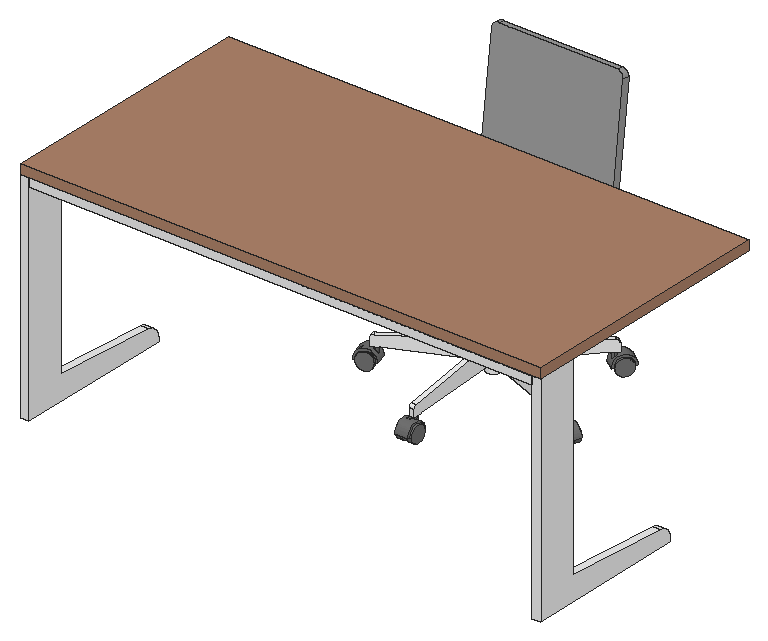
Revit family "Büroarbeitsplatz", category Möbel, Revit 2019
Family settings
  Arbeitsebenenbasiert = Nein
  Immer vertikal = Ja
  Beim Laden mit Abzugskörper schneiden = Nein
  Gemeinsam genutzt = Nein
  Raumberechnungspunkt = Nein
Parameters (values of type "1600 x 800 x 700")
  Stärke Tischplatte = 30.00 mm
  Stuhl mit Armlehnen [instance] = yes
  Stuhlsitzfläche = Kunststoff - Grau
  Stuhlrolle = Kunststoff - Dunkelgrau
  Stuhl Gestell = Metall - Aluminium
  Im Vordergrund zeichnen [instance] = yes
  Tiefe Gestell = 500.00 mm
  Breite von Bein = 25.00 mm
  Tischkonstruktion = Metall - Aluminium
  Höhe = 700.00 mm
  Länge = 1600.00 mm
  Tischplatte = Holz - Eiche
  Tiefe = 800.00 mm
  Tiefe Bein = 125.00 mm
  Assembly Code = ""
Reference planes
  plane 1: y = 0
  plane 2 "Unten": z = 0
  plane 3: x = -1.565
  plane 4 "Oben": z = 700
  plane 5 "Hinten": y = 400
  plane 6 "Vorn": y = -400
  plane 7 "Links": x = -1586.565
  plane 8 "Rechts": x = 13.435
  plane 9: z = 670
  plane 10 "Mitte (links/rechts)": x = -786.565
  plane 11: y = 100
  plane 12: z = 75
  plane 13: x = -1561.565
  plane 14: x = -11.565
  plane 15: z = 645
Forms (mm)
  Extrusion 1, solid, material "Holz - Eiche" <- "Tischplatte"
    sketch origin (0, 0, 0) x (1, 0, 0) y (0, 1, 0)
      loop
        line (-1586.565, 400) -> (-1586.565, -400) -> (13.435, -400) -> (13.435, 400) -> (-1586.565, 400)
    from 670 to 700
  Extrusion 2, solid, material "Metall - Aluminium" <- "Tischkonstruktion"
    sketch origin (0, 0, 0) x (1, 0, 0) y (0, 1, 0)
      loop
        line (-1586.565, -400) -> (-1561.565, -400) -> (-1561.565, -275) -> (-1586.565, -275) -> (-1586.565, -400)
      loop
        line (13.435, -400) -> (13.435, -275) -> (-11.565, -275) -> (-11.565, -400) -> (13.435, -400)
    from 0 to 670
  Extrusion 3, solid, material "Metall - Aluminium" <- "Tischkonstruktion"
    sketch origin (0, 0, 0) x (1, 0, 0) y (0, 1, 0)
      loop
        line (-1561.565, -400) -> (-11.565, -400) -> (-11.565, -275) -> (-1561.565, -275) -> (-1561.565, -400)
    from 645 to 670
  Extrusion 4, solid, material "Metall - Aluminium" <- "Tischkonstruktion"
    sketch origin (13.435, 0, 0) x (0, -1, 0) y (0, 0, 1)
      loop
        line (275, 0) -> (275, 75) -> (-62.932, 50.16)
        arc (-62.932, 50.16) -> (-89.303, 37.495) -> (-100, 10.267) r 40
        line (-100, 10.267) -> (-100, 0) -> (275, 0)
    from 0 to 25
  Extrusion 5, solid, material "Metall - Aluminium" <- "Tischkonstruktion"
    sketch origin (-1586.565, 0, 0) x (0, -1, 0) y (0, 0, 1)
      loop
        line (275, 0) -> (275, 75) -> (-62.932, 50.16)
        arc (-62.932, 50.16) -> (-89.303, 37.495) -> (-100, 10.267) r 40
        line (-100, 10.267) -> (-100, 0) -> (275, 0)
    from 0 to -25
Cuts and joins
  joined: Extrusion 2, Extrusion 4, Extrusion 5
Lines and regions (mm)
  Masking region 1, built-in parameter 1006206 <- "Im Vordergrund zeichnen"
    outline origin (0, 0, 0) x (1, 0, 0) y (0, 1, 0)
      loop
        line (-1586.565, 400) -> (-1586.565, -400) -> (13.435, -400) -> (13.435, 400) -> (-1586.565, 400)
Dimensions and locks
  "Höhe": plane 2 "Unten" to plane 4 "Oben"
  "Tiefe": plane 5 "Hinten" to plane 6 "Vorn"
  "Länge": plane 7 "Links" to plane 8 "Rechts"
  "Tiefe Bein": Extrusion 2 sketch curve to Extrusion 2 sketch curve  (x2)
  "Breite von Bein": Extrusion 2 sketch curve to Extrusion 2 sketch curve  (x2)
  equal spacing: plane 7 "Links", plane 10 "Mitte (links/rechts)", plane 8 "Rechts"
  equal spacing: plane 5 "Hinten", plane 1, plane 6 "Vorn"
  "Stärke Tischplatte": plane 4 "Oben" to plane 9
  "Tiefe Gestell": plane 6 "Vorn" to plane 11
  locked: plane 12 to plane 2 "Unten" at 75
  "Breite von Bein": plane 7 "Links" to plane 13
  "Breite von Bein": plane 14 to plane 8 "Rechts"
  "Breite von Bein": plane 9 to plane 15
  aligned and locked: plane 7 "Links" to Extrusion 1 sketch curve
  aligned and locked: Extrusion 1 sketch curve to plane 5 "Hinten"
  aligned and locked: plane 6 "Vorn" to Extrusion 1 sketch curve
  aligned and locked: plane 8 "Rechts" to Extrusion 1 sketch curve
  aligned and locked: Extrusion 1 to plane 4 "Oben"
  aligned and locked: Extrusion 2 to plane 2 "Unten"
  aligned and locked: plane 6 "Vorn" to Extrusion 2 sketch curve
  aligned and locked: plane 8 "Rechts" to Extrusion 2 sketch curve
  aligned and locked: plane 7 "Links" to Extrusion 2 sketch curve
  aligned and locked: Extrusion 2 sketch curve to plane 6 "Vorn"
  aligned and locked: plane 9 to Extrusion 2
  aligned and locked: Extrusion 3 sketch curve to Extrusion 2
  aligned and locked: Extrusion 2 to Extrusion 3 sketch curve  (x2)
  aligned and locked: Extrusion 2 to Extrusion 3
  aligned and locked: Extrusion 1 to plane 9
  aligned and locked: Masking region 1 sketch curve to plane 5 "Hinten"
  aligned and locked: plane 8 "Rechts" to Masking region 1 sketch curve
  aligned and locked: plane 6 "Vorn" to Masking region 1 sketch curve
  aligned and locked: Masking region 1 sketch curve to plane 7 "Links"
  aligned and locked: plane 2 "Unten" to level
  aligned and locked: plane 2 "Unten" to Extrusion 4 sketch curve
  aligned and locked: Extrusion 2 to Extrusion 4 sketch curve
  aligned and locked: Extrusion 4 to Extrusion 2
  aligned and locked: plane 11 to Extrusion 4 sketch curve
  aligned and locked: Extrusion 4 sketch curve to plane 12
  aligned and locked: Extrusion 5 to plane 13
  aligned and locked: Extrusion 3 to plane 15
  aligned and locked: plane 9 to Extrusion 3
Automatic sketch dimensions
  Extrusion 4 sketch curve to plane 11 = 37.068 mm
  level to Extrusion 4 sketch curve = 10.267 mm
  Extrusion 4 sketch curve to Extrusion 4 sketch curve = 2.932 mm
  Extrusion 5 sketch curve to level = 0.00 mm
  Extrusion 5 sketch curve to plane 11 = 0.00 mm
  Extrusion 5 sketch curve to plane 12 = 0.00 mm
  Extrusion 5 sketch curve to plane 11 = 37.068 mm
  level to Extrusion 5 sketch curve = 10.267 mm
  Extrusion 5 sketch curve to Extrusion 5 sketch curve = 2.932 mm
  plane 6 "Vorn" to Extrusion 5 sketch curve = 125.00 mm
  Extrusion 3 sketch curve to plane 14 = 0.00 mm
Nested families
  nested 1: "Stuhl - Bürostuhl (6)" at (-1138.67, 681.741, 0) x (-1, 0, 0) z (0, 0, 1), Armlehnen <- "Stuhl mit Armlehnen", type "Bürostuhl"
    with Ohne Armlehnen no, Im Vordergrund zeichnen no, Armlehnen yes
Definition of nested family "Stuhl - Bürostuhl (6)"
  Parameters
    Ohne Armlehnen [instance] = not(Armlehnen)  # no
    Im Vordergrund zeichnen [instance] = yes
    Bild = none
    Sitz = none
    Rollen = none
    Model = ""
    Manufacturer = ""
    Description = ""
    Armlehnen [instance] = yes
  Reference planes
    plane 1 "Mitte (Vorne/hinten)": y = -261.741
    plane 2: z = 0
    plane 3 "Mitte (links/rechts)": x = -352.105
    plane 4: z = 418.104
    plane 5: z = 398.316
    plane 6: z = 373.316
  Forms (mm)
    Extrusion 1, solid, material <- "Sitz"
      sketch origin (-352.105, 0, 0) x (0, 1, 0) y (0, 0, 1)
        loop
          line (-88.817, 418.316) -> (-424.741, 418.316)
          arc (-424.741, 418.316) -> (-467.167, 400.742) -> (-484.741, 358.316) r 60
          line (-484.741, 358.316) -> (-464.741, 358.316)
          arc (-464.741, 358.316) -> (-453.025, 386.6) -> (-424.741, 398.316) r 40
          line (-424.741, 398.316) -> (-88.979, 398.316)
          arc (-88.979, 398.316) -> (-59.238, 409.545) -> (-44.34, 437.629) r 45
          line (-44.34, 437.629) -> (6.259, 834.799) -> (-13.422, 837.306) -> (-64.018, 440.156)
          arc (-64.018, 440.156) -> (-72.295, 424.554) -> (-88.817, 418.316) r 25
      from -202.5 to 202.5
    Extrusion 2, solid, material <- "Bild"
      sketch origin (0, 0, 0) x (1, 0, 0) y (0, 1, 0)
        loop
          circle (-352.105, -261.741) r 20
      from 53.07 to 258.07
    Extrusion 3, solid, material <- "Bild"
      sketch origin (0, 0, 0) x (1, 0, 0) y (0, 1, 0)
        loop
          circle (-352.105, -261.741) r 20
        loop
          circle (-352.105, -261.741) r 25
      from 78.924 to 138.07
    Extrusion 4, solid, material <- "Bild"
      sketch origin (-352.105, 0, 0) x (0, 1, 0) y (0, 0, 1)
        loop
          line (-575.852, 60.858) -> (-550.852, 60.858) -> (-550.852, 64.427) -> (-261.741, 79.579) -> (-261.741, 138.07) -> (-286.741, 138.07) -> (-567.369, 93.441)
          arc (-567.369, 93.441) -> (-573.44, 90.069) -> (-575.852, 83.557) r 10
          line (-575.852, 83.557) -> (-575.852, 60.858)
      from -7.5 to 7.5
    Extrusion 5, solid, material <- "Bild"
      sketch origin (-601.036, -180.858, 0) x (-0.951057, 0.309017, 0) y (0, 0, 1)
        loop
          line (-575.852, 60.858) -> (-550.852, 60.858) -> (-550.852, 64.427) -> (-261.741, 79.579) -> (-261.741, 138.07) -> (-286.741, 138.07) -> (-567.369, 93.441)
          arc (-567.369, 93.441) -> (-573.44, 90.069) -> (-575.852, 83.557) r 10
          line (-575.852, 83.557) -> (-575.852, 60.858)
      from -7.5 to 7.5
    Extrusion 6, solid, material <- "Bild"
      sketch origin (-505.953, -473.494, 0) x (-0.587785, -0.809017, 0) y (0, 0, 1)
        loop
          line (-575.852, 60.858) -> (-550.852, 60.858) -> (-550.852, 64.427) -> (-261.741, 79.579) -> (-261.741, 138.07) -> (-286.741, 138.07) -> (-567.369, 93.441)
          arc (-567.369, 93.441) -> (-573.44, 90.069) -> (-575.852, 83.557) r 10
          line (-575.852, 83.557) -> (-575.852, 60.858)
      from -7.5 to 7.5
    Extrusion 7, solid, material <- "Bild"
      sketch origin (-198.258, -473.494, 0) x (0.587785, -0.809017, 0) y (0, 0, 1)
        loop
          line (-575.852, 60.858) -> (-550.852, 60.858) -> (-550.852, 64.427) -> (-261.741, 79.579) -> (-261.741, 138.07) -> (-286.741, 138.07) -> (-567.369, 93.441)
          arc (-567.369, 93.441) -> (-573.44, 90.069) -> (-575.852, 83.557) r 10
          line (-575.852, 83.557) -> (-575.852, 60.858)
      from -7.5 to 7.5
    Extrusion 8, solid, material <- "Bild"
      sketch origin (-103.175, -180.858, 0) x (0.951057, 0.309017, 0) y (0, 0, 1)
        loop
          line (-575.852, 60.858) -> (-550.852, 60.858) -> (-550.852, 64.427) -> (-261.741, 79.579) -> (-261.741, 138.07) -> (-286.741, 138.07) -> (-567.369, 93.441)
          arc (-567.369, 93.441) -> (-573.44, 90.069) -> (-575.852, 83.557) r 10
          line (-575.852, 83.557) -> (-575.852, 60.858)
      from -7.5 to 7.5
    Extrusion 9, solid, material <- "Rollen"
      sketch origin (-352.105, 0, 0) x (0, 1, 0) y (0, 0, 1)
        loop
          line (-555.183, 25) -> (-550.183, 25)
          arc (-550.183, 25) -> (-583.183, 58) -> (-616.183, 25) r 33
          line (-616.183, 25) -> (-611.183, 25)
          arc (-611.183, 25) -> (-583.183, 53) -> (-555.183, 25) r 28
      from -20 to 20
    Extrusion 10, solid, material <- "Rollen"
      sketch origin (0, 0, 0) x (1, 0, 0) y (0, 1, 0)
        loop
          circle (-352.105, -562.844) r 6
      from 40.747 to 60.858
    Extrusion 11, solid, material <- "Rollen"
      sketch origin (-352.105, 0, 0) x (0, 1, 0) y (0, 0, 1)
        loop
          circle (-583.183, 25) r 25
      from -10 to -25
    Extrusion 12, solid, material <- "Rollen"
      sketch origin (-352.105, 0, 0) x (0, 1, 0) y (0, 0, 1)
        loop
          line (-555.183, 25) -> (-550.183, 25)
          arc (-550.183, 25) -> (-583.183, 58) -> (-616.183, 25) r 33
          line (-616.183, 25) -> (-611.183, 25)
          arc (-611.183, 25) -> (-583.183, 53) -> (-555.183, 25) r 28
      from -20 to 20
    Extrusion 13, solid, material <- "Rollen"
      sketch origin (-352.105, 0, 0) x (0, 1, 0) y (0, 0, 1)
        loop
          circle (-583.183, 25) r 25
      from 10 to 25
    Extrusion 14, solid, material <- "Rollen"
      sketch origin (-492.229, 154.014, 0) x (0.309017, 0.951057, 0) y (-0.951057, 0.309017, 0)
        loop
          circle (-352.105, -562.844) r 6
      from 40.747 to 60.858
    Extrusion 15, solid, material <- "Rollen"
      sketch origin (-601.036, -180.858, 0) x (-0.951057, 0.309017, 0) y (0, 0, 1)
        loop
          circle (-583.183, 25) r 25
      from -10 to -25
    Extrusion 16, solid, material <- "Rollen"
      sketch origin (-601.036, -180.858, 0) x (-0.951057, 0.309017, 0) y (0, 0, 1)
        loop
          line (-555.183, 25) -> (-550.183, 25)
          arc (-550.183, 25) -> (-583.183, 58) -> (-616.183, 25) r 33
          line (-616.183, 25) -> (-611.183, 25)
          arc (-611.183, 25) -> (-583.183, 53) -> (-555.183, 25) r 28
      from -20 to 20
    Extrusion 17, solid, material <- "Rollen"
      sketch origin (-601.036, -180.858, 0) x (-0.951057, 0.309017, 0) y (0, 0, 1)
        loop
          circle (-583.183, 25) r 25
      from 10 to 25
    Extrusion 18, solid, material <- "Rollen"
      sketch origin (-505.953, -473.494, 0) x (-0.587785, -0.809017, 0) y (0, 0, 1)
        loop
          circle (-583.183, 25) r 25
      from -10 to -25
    Extrusion 19, solid, material <- "Rollen"
      sketch origin (-505.953, -473.494, 0) x (-0.587785, -0.809017, 0) y (0, 0, 1)
        loop
          line (-555.183, 25) -> (-550.183, 25)
          arc (-550.183, 25) -> (-583.183, 58) -> (-616.183, 25) r 33
          line (-616.183, 25) -> (-611.183, 25)
          arc (-611.183, 25) -> (-583.183, 53) -> (-555.183, 25) r 28
      from -20 to 20
    Extrusion 20, solid, material <- "Rollen"
      sketch origin (-505.953, -473.494, 0) x (-0.587785, -0.809017, 0) y (0, 0, 1)
        loop
          circle (-583.183, 25) r 25
      from 10 to 25
    Extrusion 21, solid, material <- "Rollen"
      sketch origin (-790.812, -266.531, 0) x (-0.809017, 0.587785, 0) y (-0.587785, -0.809017, 0)
        loop
          circle (-352.105, -562.844) r 6
      from 40.747 to 60.858
    Extrusion 22, solid, material <- "Rollen"
      sketch origin (-505.953, -473.494, 0) x (-0.587785, -0.809017, 0) y (0, 0, 1)
        loop
          circle (-583.183, 25) r 25
      from -10 to -25
    Extrusion 23, solid, material <- "Rollen"
      sketch origin (-505.953, -473.494, 0) x (-0.587785, -0.809017, 0) y (0, 0, 1)
        loop
          line (-555.183, 25) -> (-550.183, 25)
          arc (-550.183, 25) -> (-583.183, 58) -> (-616.183, 25) r 33
          line (-616.183, 25) -> (-611.183, 25)
          arc (-611.183, 25) -> (-583.183, 53) -> (-555.183, 25) r 28
      from -20 to 20
    Extrusion 24, solid, material <- "Rollen"
      sketch origin (-505.953, -473.494, 0) x (-0.587785, -0.809017, 0) y (0, 0, 1)
        loop
          circle (-583.183, 25) r 25
      from 10 to 25
    Extrusion 25, solid, material <- "Rollen"
      sketch origin (-790.812, -266.531, 0) x (-0.809017, 0.587785, 0) y (-0.587785, -0.809017, 0)
        loop
          circle (-352.105, -562.844) r 6
      from 40.747 to 60.858
    Extrusion 26, solid, material <- "Rollen"
      sketch origin (-198.258, -473.494, 0) x (0.587785, -0.809017, 0) y (0, 0, 1)
        loop
          circle (-583.183, 25) r 25
      from -10 to -25
    Extrusion 27, solid, material <- "Rollen"
      sketch origin (-198.258, -473.494, 0) x (0.587785, -0.809017, 0) y (0, 0, 1)
        loop
          line (-555.183, 25) -> (-550.183, 25)
          arc (-550.183, 25) -> (-583.183, 58) -> (-616.183, 25) r 33
          line (-616.183, 25) -> (-611.183, 25)
          arc (-611.183, 25) -> (-583.183, 53) -> (-555.183, 25) r 28
      from -20 to 20
    Extrusion 28, solid, material <- "Rollen"
      sketch origin (-198.258, -473.494, 0) x (0.587785, -0.809017, 0) y (0, 0, 1)
        loop
          circle (-583.183, 25) r 25
      from 10 to 25
    Extrusion 29, solid, material <- "Rollen"
      sketch origin (-483.117, -680.456, 0) x (-0.809017, -0.587785, 0) y (0.587785, -0.809017, 0)
        loop
          circle (-352.105, -562.844) r 6
      from 40.747 to 60.858
    Extrusion 30, solid, material <- "Rollen"
      sketch origin (-198.258, -473.494, 0) x (0.587785, -0.809017, 0) y (0, 0, 1)
        loop
          circle (-583.183, 25) r 25
      from -10 to -25
    Extrusion 31, solid, material <- "Rollen"
      sketch origin (-198.258, -473.494, 0) x (0.587785, -0.809017, 0) y (0, 0, 1)
        loop
          line (-555.183, 25) -> (-550.183, 25)
          arc (-550.183, 25) -> (-583.183, 58) -> (-616.183, 25) r 33
          line (-616.183, 25) -> (-611.183, 25)
          arc (-611.183, 25) -> (-583.183, 53) -> (-555.183, 25) r 28
      from -20 to 20
    Extrusion 32, solid, material <- "Rollen"
      sketch origin (-198.258, -473.494, 0) x (0.587785, -0.809017, 0) y (0, 0, 1)
        loop
          circle (-583.183, 25) r 25
      from 10 to 25
    Extrusion 33, solid, material <- "Rollen"
      sketch origin (-483.117, -680.456, 0) x (-0.809017, -0.587785, 0) y (0.587785, -0.809017, 0)
        loop
          circle (-352.105, -562.844) r 6
      from 40.747 to 60.858
    Extrusion 34, solid, material <- "Rollen"
      sketch origin (-103.175, -180.858, 0) x (0.951057, 0.309017, 0) y (0, 0, 1)
        loop
          circle (-583.183, 25) r 25
      from -10 to -25
    Extrusion 35, solid, material <- "Rollen"
      sketch origin (-103.175, -180.858, 0) x (0.951057, 0.309017, 0) y (0, 0, 1)
        loop
          line (-555.183, 25) -> (-550.183, 25)
          arc (-550.183, 25) -> (-583.183, 58) -> (-616.183, 25) r 33
          line (-616.183, 25) -> (-611.183, 25)
          arc (-611.183, 25) -> (-583.183, 53) -> (-555.183, 25) r 28
      from -20 to 20
    Extrusion 36, solid, material <- "Rollen"
      sketch origin (-103.175, -180.858, 0) x (0.951057, 0.309017, 0) y (0, 0, 1)
        loop
          circle (-583.183, 25) r 25
      from 10 to 25
    Extrusion 37, solid, material <- "Rollen"
      sketch origin (5.632, -515.731, 0) x (0.309017, -0.951057, 0) y (0.951057, 0.309017, 0)
        loop
          circle (-352.105, -562.844) r 6
      from 40.747 to 60.858
    Extrusion 38, solid, material <- "Rollen"
      sketch origin (-103.175, -180.858, 0) x (0.951057, 0.309017, 0) y (0, 0, 1)
        loop
          circle (-583.183, 25) r 25
      from -10 to -25
    Extrusion 39, solid, material <- "Rollen"
      sketch origin (-103.175, -180.858, 0) x (0.951057, 0.309017, 0) y (0, 0, 1)
        loop
          line (-555.183, 25) -> (-550.183, 25)
          arc (-550.183, 25) -> (-583.183, 58) -> (-616.183, 25) r 33
          line (-616.183, 25) -> (-611.183, 25)
          arc (-611.183, 25) -> (-583.183, 53) -> (-555.183, 25) r 28
      from -20 to 20
    Extrusion 40, solid, material <- "Rollen"
      sketch origin (-103.175, -180.858, 0) x (0.951057, 0.309017, 0) y (0, 0, 1)
        loop
          circle (-583.183, 25) r 25
      from 10 to 25
    Extrusion 41, solid, material <- "Rollen"
      sketch origin (5.632, -515.731, 0) x (0.309017, -0.951057, 0) y (0.951057, 0.309017, 0)
        loop
          circle (-352.105, -562.844) r 6
      from 40.747 to 60.858
    Extrusion 42, solid
      sketch origin (0, 0, 0) x (1, 0, 0) y (0, 1, 0)
        loop
          circle (-352.105, -261.741) r 15
      from 258.07 to 357.594
    Blend 43, solid
      base sketch origin (0, 0, 0) x (1, 0, 0) y (0, 1, 0)
        loop
          circle (-352.105, -261.741) r 20
      top sketch origin (0, 0, 0) x (1, 0, 0) y (0, 1, 0)
        loop
          circle (-352.105, -261.741) r 40
      from 337.981 to 373.316
    Extrusion 44, void
      sketch origin (-352.105, -19.741, 787.707) x (0, 0.126376, 0.991982) y (1, 0, 0)
        loop
          line (30, -202.5) -> (30, -242.5) -> (80, -242.5) -> (80, -182.5) -> (50, -182.5)
          arc (50, -182.5) -> (44.142, -196.642) -> (30, -202.5) r 20
        loop
          line (50, 182.5) -> (80, 182.5) -> (80, 272.5) -> (30, 272.5) -> (30, 202.5)
          arc (30, 202.5) -> (44.142, 196.642) -> (50, 182.5) r 20
      from 0 to 100
    Extrusion 45, solid, material <- "Bild"
      sketch origin (0, -261.741, 0) x (1, 0, 0) y (0, 0, 1)
        loop
          line (-427.105, 398.316) -> (-412.955, 373.316) -> (-291.256, 373.316) -> (-277.105, 398.316) -> (-427.105, 398.316)
      from -50 to 50
    Sweep 46, solid, material <- "Bild", visible <- "Armlehnen"
      path origin (0, -261.741, 0) x (1, 0, 0) y (0, 0, 1)
        loop
          line (-104.18, 580) -> (-104.18, 410.816)
          arc (-104.18, 410.816) -> (-111.503, 393.138) -> (-129.18, 385.816) r 25
          line (-129.18, 385.816) -> (-575.03, 385.816)
          arc (-575.03, 385.816) -> (-592.708, 393.138) -> (-600.03, 410.816) r 25
          line (-600.03, 410.816) -> (-600.03, 580)
      profile origin (-352.105, -261.741, 385.816) x (0, 0, -1) y (0, -1, 0)
        loop
          arc (7.5, 15) -> (6.036, 18.536) -> (2.5, 20) r 5
          line (2.5, 20) -> (-2.5, 20)
          arc (-2.5, 20) -> (-6.036, 18.536) -> (-7.5, 15) r 5
          line (-7.5, 15) -> (-7.5, -15)
          arc (-7.5, -15) -> (-6.036, -18.536) -> (-2.5, -20) r 5
          line (-2.5, -20) -> (2.5, -20)
          arc (2.5, -20) -> (6.036, -18.536) -> (7.5, -15) r 5
          line (7.5, -15) -> (7.5, 15)
    Blend 47, solid, material <- "Sitz", visible <- "Armlehnen"
      base sketch origin (-309.226, 247.477, 0) x (1, 0, 0) y (0, 1, 0)
        loop
          arc (-250.804, -434.537) -> (-290.804, -394.537) -> (-330.804, -434.537) r 40
          line (-330.804, -434.537) -> (-330.804, -583.898)
          arc (-330.804, -583.898) -> (-290.804, -623.898) -> (-250.804, -583.898) r 40
          line (-250.804, -583.898) -> (-250.804, -434.537)
      top sketch origin (-309.226, 247.477, 0) x (1, 0, 0) y (0, 1, 0)
        loop
          line (-325.804, -434.537) -> (-325.804, -583.898)
          arc (-325.804, -583.898) -> (-290.804, -618.898) -> (-255.804, -583.898) r 35
          line (-255.804, -583.898) -> (-255.804, -434.537)
          arc (-255.804, -434.537) -> (-290.804, -399.537) -> (-325.804, -434.537) r 35
      from 580 to 600
    Extrusion 48, void
      sketch origin (0, -261.741, 0) x (1, 0, 0) y (0, 0, 1)
        loop
          line (-427.105, 398.316) -> (-412.955, 373.316) -> (-412.955, 348.316) -> (-291.256, 348.316) -> (-291.256, 373.316) -> (-277.105, 398.316) -> (-427.105, 398.316)
      from 0 to 250
    Blend 49, solid, material <- "Sitz", visible <- "Armlehnen"
      base sketch origin (-394.984, 247.477, 0) x (1, 0, 0) y (0, 1, 0)
        loop
          line (250.804, -434.537) -> (250.804, -583.898)
          arc (250.804, -583.898) -> (290.804, -623.898) -> (330.804, -583.898) r 40
          line (330.804, -583.898) -> (330.804, -434.537)
          arc (330.804, -434.537) -> (290.804, -394.537) -> (250.804, -434.537) r 40
      top sketch origin (-394.984, 247.477, 0) x (1, 0, 0) y (0, 1, 0)
        loop
          arc (325.804, -434.537) -> (290.804, -399.537) -> (255.804, -434.537) r 35
          line (255.804, -434.537) -> (255.804, -583.898)
          arc (255.804, -583.898) -> (290.804, -618.898) -> (325.804, -583.898) r 35
          line (325.804, -583.898) -> (325.804, -434.537)
      from 580 to 600
  Cuts and joins
    joined: Extrusion 3, Extrusion 4, Extrusion 5, Extrusion 6, Extrusion 7, Extrusion 8
    Extrusion 48 cuts Extrusion 42
    joined: Extrusion 42, Blend 43
    Extrusion 44 cuts Extrusion 1
    Extrusion 48 cuts Sweep 46
  Lines and regions (mm)
    Masking region 1, visible <- "Armlehnen", built-in parameter 1006206 <- "Im Vordergrund zeichnen", detail levels medium+fine
      outline origin (0, 0, 0) x (1, 0, 0) y (0, 1, 0)
        loop
          line (-640.03, -187.06) -> (-640.03, -336.421)
          arc (-640.03, -336.421) -> (-600.03, -376.421) -> (-560.03, -336.421) r 40
          line (-560.03, -336.421) -> (-560.03, -281.741) -> (-554.605, -281.741) -> (-554.605, -241.741) -> (-560.03, -241.741) -> (-560.03, -187.06)
          arc (-560.03, -187.06) -> (-600.03, -147.06) -> (-640.03, -187.06) r 40
        loop
          arc (-64.18, -187.06) -> (-104.18, -147.06) -> (-144.18, -187.06) r 40
          line (-144.18, -187.06) -> (-144.18, -241.741) -> (-149.605, -241.741) -> (-149.605, -281.741) -> (-144.18, -281.741) -> (-144.18, -336.421)
          arc (-144.18, -336.421) -> (-104.18, -376.421) -> (-64.18, -336.421) r 40
          line (-64.18, -336.421) -> (-64.18, -187.06)
    Masking region 2, built-in parameter 1006206 <- "Im Vordergrund zeichnen"
      outline origin (0, 0, 0) x (1, 0, 0) y (0, 1, 0)
        loop
          line (-554.605, 6.259) -> (-554.605, -464.741)
          arc (-554.605, -464.741) -> (-548.747, -478.883) -> (-534.605, -484.741) r 20
          line (-534.605, -484.741) -> (-169.605, -484.741)
          arc (-169.605, -484.741) -> (-155.463, -478.883) -> (-149.605, -464.741) r 20
          line (-149.605, -464.741) -> (-149.605, 6.259) -> (-554.605, 6.259)
    Masking region 3, built-in parameter 1006206 <- "Im Vordergrund zeichnen", detail levels medium+fine
      outline origin (0, 0, 0) x (1, 0, 0) y (0, 1, 0)
        loop
          line (-168.697, 33.231) -> (-188.294, 6.259) -> (-149.605, 6.259) -> (-149.605, -25.556) -> (-128.246, 3.842) -> (-132.291, 6.781) -> (-127.589, 13.253) -> (-159.95, 36.765) -> (-164.652, 30.292) -> (-168.697, 33.231)
        loop
          line (-535.513, 33.231) -> (-539.559, 30.292) -> (-544.261, 36.765) -> (-576.622, 13.253) -> (-571.919, 6.781) -> (-575.964, 3.842) -> (-554.605, -25.556) -> (-554.605, 6.259) -> (-515.917, 6.259) -> (-535.513, 33.231)
        loop
          line (-359.605, -484.741) -> (-359.605, -550.183) -> (-372.105, -550.183) -> (-372.105, -558.183) -> (-377.105, -558.183) -> (-377.105, -608.183) -> (-372.105, -608.183) -> (-372.105, -616.183) -> (-332.105, -616.183) -> (-332.105, -608.183) -> (-327.105, -608.183) -> (-327.105, -558.58) -> (-332.105, -558.58) -> (-332.105, -550.183) -> (-344.605, -550.183) -> (-344.605, -484.741) -> (-359.605, -484.741)
    Masking region 4, built-in parameter 1006206 <- "Im Vordergrund zeichnen", visible <- "Armlehnen", detail levels medium+fine
      outline origin (0, 0, 0) x (1, 0, 0) y (0, 1, 0)
        loop
          arc (-621.364, -370.257) -> (-635.395, -355.111) -> (-640.004, -334.986) r 40
          line (-640.004, -334.986) -> (-641.764, -329.57) -> (-689.317, -345.021) -> (-687.772, -349.776) -> (-695.38, -352.248) -> (-683.02, -390.291) -> (-675.411, -387.819) -> (-673.866, -392.574) -> (-626.691, -377.246) -> (-628.236, -372.49) -> (-621.364, -370.257)
        loop
          line (-82.847, -370.257) -> (-75.975, -372.49) -> (-77.52, -377.246) -> (-30.345, -392.574) -> (-28.8, -387.819) -> (-21.191, -390.291) -> (-8.83, -352.248) -> (-16.439, -349.776) -> (-14.894, -345.021) -> (-62.447, -329.57) -> (-64.206, -334.986)
          arc (-64.206, -334.986) -> (-68.815, -355.111) -> (-82.847, -370.257) r 40
    Masking region 5, built-in parameter 1006206 <- "Im Vordergrund zeichnen", visible <- "Ohne Armlehnen", detail levels medium+fine
      outline origin (0, 0, 0) x (1, 0, 0) y (0, 1, 0)
        loop
          line (-554.605, -319.651) -> (-628.748, -343.741) -> (-632.61, -331.853) -> (-640.219, -334.325) -> (-641.764, -329.57) -> (-689.317, -345.021) -> (-687.772, -349.776) -> (-695.38, -352.248) -> (-683.02, -390.291) -> (-675.411, -387.819) -> (-673.866, -392.574) -> (-626.691, -377.246) -> (-628.236, -372.49) -> (-620.25, -369.896) -> (-624.113, -358.007) -> (-554.605, -335.423) -> (-554.605, -319.651)
        loop
          line (-149.605, -319.651) -> (-149.605, -335.423) -> (-80.098, -358.007) -> (-83.961, -369.896) -> (-75.975, -372.49) -> (-77.52, -377.246) -> (-30.345, -392.574) -> (-28.8, -387.819) -> (-21.191, -390.291) -> (-8.83, -352.248) -> (-16.439, -349.776) -> (-14.894, -345.021) -> (-62.447, -329.57) -> (-63.992, -334.325) -> (-71.6, -331.853) -> (-75.463, -343.741) -> (-149.605, -319.651)
    symbolic lines, built-in parameter 1006206 <- "Im Vordergrund zeichnen", detail levels medium+fine
      curve 1: line (-640.219, -334.325, 0) -> (-687.772, -349.776, 0)
      curve 2: line (-675.411, -387.819, 0) -> (-628.236, -372.49, 0)
      curve 4: line (-653.16, -351.673, 0) -> (-648.525, -365.939, 0)
      curve 6: line (-372.105, -558.183, 0) -> (-372.105, -608.183, 0)
      curve 7: line (-332.105, -558.58, 0) -> (-332.105, -608.183, 0)
      curve 8: line (-359.605, -550.183, 0) -> (-359.605, -575.852, 0)
      curve 9: line (-344.605, -550.183, 0) -> (-344.605, -575.852, 0)
      curve 10: line (-359.605, -575.852, 0) -> (-344.605, -575.852, 0)
      curve 11: line (-63.992, -334.325, 0) -> (-16.439, -349.776, 0)
      curve 12: line (-28.8, -387.819, 0) -> (-75.975, -372.49, 0)
      curve 13: line (-51.051, -351.673, 0) -> (-55.686, -365.939, 0)
      curve 14: line (-571.919, 6.781, 0) -> (-554.605, -17.05, 0)
      curve 15: line (-539.559, 30.292, 0) -> (-522.097, 6.259, 0)
      curve 16: line (-132.291, 6.781, 0) -> (-149.605, -17.05, 0)
      curve 17: line (-164.652, 30.292, 0) -> (-182.114, 6.259, 0)
      curve 18: line (-554.605, -13.422, 0) -> (-149.605, -13.422, 0)
    symbolic lines, built-in parameter 1006206 <- "Im Vordergrund zeichnen", visible <- "Ohne Armlehnen", detail levels medium+fine
      curve 3: line (-628.748, -343.741, 0) -> (-653.16, -351.673, 0)
      curve 5: line (-648.525, -365.939, 0) -> (-624.113, -358.007, 0)
      curve 21: line (-75.463, -343.741, 0) -> (-51.051, -351.673, 0)
      curve 22: line (-80.098, -358.007, 0) -> (-55.686, -365.939, 0)
    symbolic lines, visible <- "Armlehnen", built-in parameter 1006206 <- "Im Vordergrund zeichnen", detail levels medium+fine
      curve 19: line (-560.03, -241.741, 0) -> (-560.03, -281.741, 0)
      curve 20: line (-144.18, -241.741, 0) -> (-144.18, -281.741, 0)
    symbolic lines, visible <- "Armlehnen", built-in parameter 1006206 <- "Im Vordergrund zeichnen"
      curve 23: line (-653.16, -351.673, 0) -> (-638.62, -346.949, 0)
      curve 24: line (-648.525, -365.939, 0) -> (-631.934, -360.549, 0)
      curve 25: line (-51.051, -351.673, 0) -> (-65.591, -346.949, 0)
      curve 26: line (-55.686, -365.939, 0) -> (-72.276, -360.549, 0)
  Dimensions and locks
    aligned and locked: Extrusion 10 to cut or joined group of Extrusion 3, Extrusion 4, Extrusion 5, Extrusion 6, Extrusion 7, Extrusion 8
    aligned and locked: Extrusion 42 to Extrusion 2
    aligned and locked: level to plane 2
